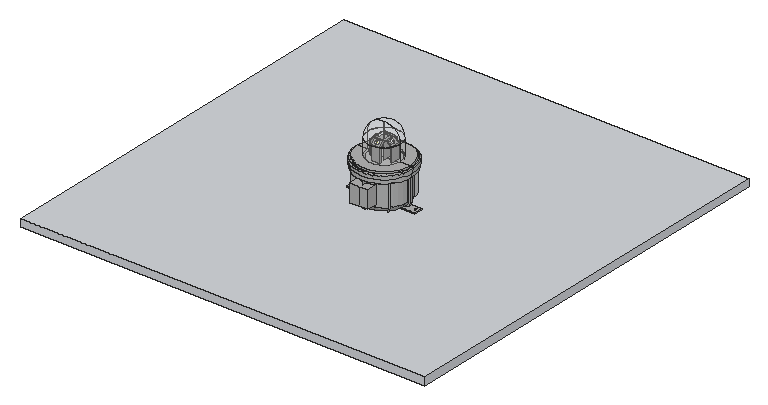
Revit family "238", category Lighting Fixtures, host Face, Revit 2014
Parameters (values of type "238")
  LED = Paint - Hubbell - Yellow
  Width = 280.00 mm
  Watts = 70 W
  Wattage Comments = "70W"
  Wattage = 70 W
  Warranty = "5 years Warranty"  # constant formula
  built-in parameter 1150110 = 1 (stored number, unit not read)
  Voltage = 120 V
  URL = "https://www.hubbell.com/chalmit/en"
  built-in parameter 1114217 = 1 (stored number, unit not read)
  Tilt Angle = 90.00°  # constant formula
  built-in parameter 1150109 = 1 (stored number, unit not read)
  built-in parameter 1150134 = 3
  built-in parameter 1150113 = 1 (stored number, unit not read)
  Reflector Finish = Hubbell - White Glass
  Product Link = "https://www.hubbell.com/chalmit/en/Products/Lighting-Controls/Harsh-Hazardous-Lighting/High-Bay---Low-Bay---Well-Glass/238-LED/p/2306498"
  Product Documentation Link = "https://hubbellcdn.com/specsheet/238_Zone1_Datasheet_V3.pdf"
  Power Factor = 1
  Photometric Web File = "CHL_238D_09L_LE.ies"
  Pendent Height [instance] = 97.00 mm
  built-in parameter 1150142 = "﻿IESNA:LM-63-2002 \r\n[TEST]WO-8107\r\n[TESTLAB]LUX-TSI\r\n[ISSUEDATE]22/08/2016\r\n[TESTDATE]22/08/2016\r\n[MANUFAC] Chalmit Lighting\r\n[LUMCAT]238D/09L/LE\r\n[LUMINAIRE]238 LED Wellglass\r\n[LAMP]LED\r\n[LAMPCAT]Nichia LED\r\n[_LUMTYPE]Wellglass\r\n[_LAMPTYPE]LED\r\n[_LAMPMORE]Light Emitting Diodes, White\r\n[_HAZRATING]Zone 1, Zone 21\r\n[_HAZPRO]Ex d e, IECEx, ATEX\r\n[_ENVIRORATING]IP66, IP67\r\n[_AMBIENT] -40°C to +55°C (T4)\r\n[_MOUNT]Surface, Suspended\r\n[_KEYWORDS]Pole, Column, Mast, Wire Guard, Stirrup\r\n[_DRAWFILE]238.dwg\r\n\r\nTILT=NONE\r\n1 -1 1.000 73 25 1 2 0.200 0.200 0.180\r\n1.000 1 67.7\r\n0.00 2.50 5.00 7.50 10.00 12.50 15.00 17.50 20.00 22.50 25.00 27.50 30.00 32.50 35.00 37.50 40.00 42.50 45.00 47.50 50.00 52.50 55.00 57.50 60.00 62.50 65.00 67.50 70.00 72.50 75.00 77.50 80.00 82.50 85.00 87.50 90.00 92.50 95.00 97.50 100.00 102.50 105.00 107.50 110.00 112.50 115.00 117.50 120.00 122.50 125.00 127.50 130.00 132.50 135.00 137.50 140.00 142.50 145.00 147.50 150.00 152.50 155.00 157.50 160.00 162.50 165.00 167.50 170.00 172.50 175.00 177.50 180.00 \r\n0.00 15.00 30.00 45.00 60.00 75.00 90.00 105.00 120.00 135.00 150.00 165.00 180.00 195.00 210.00 225.00 240.00 255.00 270.00 285.00 300.00 315.00 330.00 345.00 360.00 \r\n2230.1 2349.7 1959.1 1580.8 1635.9 1651.1 1653.2 1614.1 1561.1 1531.8 1532.6 1522.4 1494.1 1437.1 1424.6 1524.7 1555.0 1549.7 1610.8 1600.0 1551.3 1471.4 1404.7 1300.4 1226.0 1170.8 1120.5 1064.2 1014.5 960.8 877.1 819.7 775.9 727.3 688.1 650.2 613.5 578.2 542.7 498.0 445.8 400.6 358.1 315.7 279.4 246.4 208.5 162.9 127.6 104.2 62.6 18.6 17.0 16.8 14.8 12.6 9.3 6.7 6.0 5.6 5.8 6.0 6.1 7.2 8.7 10.6 14.8 21.9 27.0 30.5 30.9 29.1 28.1\r\n2230.1 2364.5 2042.2 1568.0 1605.7 1641.1 1644.7 1624.7 1597.5 1573.5 1586.5 1557.9 1493.1 1472.6 1594.5 1669.3 1680.8 1662.2 1584.7 1475.0 1399.1 1409.2 1411.4 1384.3 1335.8 1247.4 1155.8 1091.8 1036.7 973.7 897.4 813.5 792.6 722.0 635.9 592.2 559.6 522.5 505.9 479.4 458.7 427.0 381.9 352.7 327.7 302.7 268.3 225.9 178.0 132.2 108.1 32.0 16.9 15.4 15.1 12.2 10.8 8.0 6.0 5.4 5.1 5.8 6.1 6.6 8.3 10.5 14.6 21.6 26.9 30.2 30.6 28.9 28.1\r\n2230.1 2374.0 2093.3 1560.2 1580.6 1617.9 1644.3 1630.1 1562.7 1517.9 1576.5 1679.4 1492.2 1545.4 1653.3 1682.0 1697.2 1685.2 1649.6 1574.7 1518.2 1480.3 1437.1 1383.5 1369.4 1366.2 1311.4 1196.7 1049.3 938.9 821.4 736.3 657.4 626.3 591.8 567.4 547.1 521.8 510.1 487.6 461.3 435.2 410.9 387.3 361.1 329.0 293.4 256.1 211.4 164.3 124.8 55.0 19.0 16.4 14.9 11.5 11.1 9.1 5.7 5.5 5.6 5.4 6.0 7.1 8.0 10.8 14.7 21.3 27.2 29.8 30.7 29.1 28.1\r\n2230.1 2359.7 2078.5 1555.7 1584.5 1618.0 1631.8 1614.2 1550.5 1554.8 1572.7 1545.2 1486.5 1490.0 1589.2 1649.7 1678.2 1664.4 1594.5 1475.2 1374.6 1337.8 1363.4 1346.8 1296.0 1216.9 1117.2 1035.6 980.9 924.7 867.9 777.3 710.8 711.5 608.8 570.8 548.6 529.0 516.1 492.3 464.9 435.8 389.6 365.4 343.7 318.5 283.0 241.7 198.7 153.4 110.3 30.8 18.0 16.0 14.6 11.6 11.0 8.4 5.6 5.7 5.7 5.8 5.8 6.8 8.5 10.6 15.0 21.6 26.8 30.1 30.7 29.1 28.1\r\n2230.1 2321.2 2016.1 1555.3 1580.1 1594.5 1619.4 1598.0 1570.0 1521.3 1501.5 1507.3 1468.8 1416.6 1477.5 1559.2 1554.8 1498.5 1463.8 1458.3 1409.3 1358.8 1318.2 1241.2 1145.4 1074.7 1029.7 988.0 950.6 892.3 806.9 754.4 726.5 674.8 636.3 608.1 571.7 531.8 502.2 464.0 423.6 382.0 340.3 307.3 281.6 254.0 221.1 185.3 149.0 112.2 68.0 20.5 17.9 16.9 15.9 13.3 10.1 6.7 5.8 6.1 5.8 5.7 6.3 7.3 8.5 10.7 15.2 22.1 27.2 30.5 30.9 29.3 28.1\r\n2230.1 2278.7 1921.8 1526.7 1580.6 1630.3 1642.3 1596.5 1538.1 1494.8 1493.1 1508.5 1503.9 1418.4 1316.5 1281.1 1429.2 1582.5 1633.0 1615.0 1545.1 1394.5 1236.3 1160.1 1132.4 1099.2 1045.0 1007.5 963.1 901.5 826.0 773.0 734.3 693.5 656.1 625.8 589.3 551.0 519.3 480.3 435.2 388.1 342.7 295.7 244.7 190.3 141.3 101.5 63.6 46.1 34.4 19.6 18.4 17.9 16.4 11.6 8.0 6.8 6.4 6.3 5.8 6.0 6.8 7.5 8.7 11.3 15.4 21.9 27.6 30.6 31.1 29.3 28.1\r\n2230.1 2220.2 1795.0 1516.3 1637.3 1654.1 1635.3 1588.5 1543.6 1491.6 1498.0 1498.6 1451.6 1394.4 1399.4 1487.1 1533.4 1531.5 1564.2 1512.4 1428.8 1368.7 1317.3 1217.0 1130.3 1088.1 1055.9 1005.8 959.9 894.5 813.3 756.6 715.0 661.7 621.9 586.5 550.8 513.8 479.9 437.8 391.8 347.7 308.3 268.9 227.6 192.2 164.8 136.2 110.6 86.7 51.4 20.2 18.3 17.3 15.6 12.9 9.5 7.2 6.3 5.7 5.8 6.3 6.5 7.1 8.7 11.2 15.1 21.9 27.6 30.5 31.0 29.6 28.1\r\n2230.1 2148.8 1652.2 1531.7 1664.9 1651.3 1620.9 1585.2 1564.5 1551.1 1569.5 1522.1 1446.8 1471.6 1605.7 1677.4 1690.8 1655.8 1557.2 1393.6 1351.9 1377.3 1352.4 1314.7 1265.7 1185.2 1097.9 1036.2 992.8 895.6 825.6 727.5 717.9 630.2 538.6 500.1 472.0 444.6 425.3 405.2 379.1 354.3 325.0 299.4 277.6 251.7 222.1 188.9 156.6 127.0 94.6 22.5 17.7 16.7 15.5 12.5 11.4 8.3 6.3 5.5 5.8 6.0 6.1 7.2 8.5 10.6 15.3 21.8 27.1 30.4 30.8 28.9 28.1\r\n2230.1 2078.7 1571.2 1559.8 1666.4 1653.0 1627.0 1595.8 1529.6 1515.9 1518.9 1654.5 1492.9 1580.4 1709.5 1747.0 1736.7 1673.2 1602.2 1531.3 1492.5 1423.7 1362.3 1294.9 1302.4 1303.5 1255.2 1153.8 1015.5 876.2 764.7 670.7 612.6 551.9 516.2 492.8 469.7 446.3 430.1 415.6 394.3 373.6 355.3 335.0 309.5 277.6 239.5 204.7 173.8 145.1 57.1 24.1 18.5 16.9 15.7 11.8 11.1 9.2 6.3 5.6 5.9 6.1 6.2 7.0 8.8 10.6 15.3 21.9 27.1 30.3 30.4 28.7 28.1\r\n2230.1 2008.6 1517.8 1561.3 1638.2 1644.8 1623.8 1590.8 1538.7 1528.5 1556.0 1529.8 1477.1 1526.0 1679.6 1742.3 1751.8 1695.0 1569.8 1419.7 1376.2 1401.3 1448.4 1433.2 1341.2 1220.2 1082.3 1031.7 965.0 885.6 821.5 725.0 692.0 622.9 524.8 487.0 457.2 435.3 419.5 403.0 381.0 355.0 331.4 308.3 285.4 257.8 223.8 188.8 158.6 129.7 93.7 26.2 18.7 16.4 14.8 12.6 12.1 9.2 6.2 5.9 6.1 6.0 6.2 7.5 8.6 10.6 15.3 21.8 27.5 30.0 30.7 29.0 28.1\r\n2230.1 1942.5 1481.7 1580.1 1638.9 1661.2 1624.1 1579.1 1533.8 1497.1 1522.0 1513.7 1440.9 1417.5 1521.6 1637.4 1634.2 1582.8 1560.6 1552.5 1524.6 1485.6 1393.0 1299.5 1180.6 1138.0 1096.4 1051.1 1001.6 938.3 846.1 802.4 843.4 675.0 610.7 570.3 531.3 488.4 452.3 415.5 377.5 336.1 297.7 260.1 234.0 208.3 180.5 150.9 123.5 98.2 65.7 21.2 18.6 17.7 16.9 14.0 11.2 7.8 6.7 6.4 5.9 6.1 6.9 7.5 8.6 11.2 15.2 21.8 27.6 30.5 30.9 29.0 28.1\r\n2230.1 1894.0 1467.7 1599.2 1658.0 1668.4 1670.5 1601.4 1524.7 1500.7 1514.7 1515.5 1499.0 1425.1 1320.8 1335.9 1545.8 1748.0 1774.6 1701.1 1575.7 1382.2 1231.1 1185.9 1131.0 1114.5 1093.4 1065.3 1021.3 927.6 861.6 819.4 833.9 720.6 667.6 632.5 593.1 554.1 520.0 478.0 432.7 384.0 334.0 281.3 229.3 181.3 135.8 95.7 63.4 44.2 30.9 20.1 20.2 19.7 16.6 12.9 9.4 7.2 6.3 6.1 6.5 6.7 7.0 7.5 9.0 11.5 15.4 22.5 27.7 30.4 31.0 29.5 28.1\r\n2230.1 1847.2 1462.8 1628.0 1680.9 1674.2 1667.9 1633.4 1551.1 1510.9 1528.8 1562.5 1496.6 1427.0 1427.5 1546.4 1615.5 1627.3 1640.6 1593.4 1500.2 1399.1 1308.4 1206.8 1168.5 1124.5 1078.3 1059.8 1012.3 925.8 844.2 797.8 813.6 699.9 642.1 609.4 570.2 530.9 498.3 457.0 414.4 370.0 326.9 286.3 244.1 207.5 177.9 145.1 112.9 79.2 39.3 20.5 19.1 18.4 17.1 14.7 10.3 7.3 6.7 6.1 5.8 6.4 6.9 7.5 8.6 11.3 15.2 22.4 27.4 30.6 30.7 29.1 28.1\r\n2230.1 1831.7 1467.9 1618.8 1683.8 1683.7 1654.9 1624.1 1588.7 1586.6 1589.3 1548.6 1467.1 1486.0 1658.1 1788.7 1772.6 1689.5 1562.4 1436.2 1413.3 1431.2 1415.0 1406.1 1328.7 1214.4 1146.9 1105.2 1052.4 960.3 891.1 803.4 833.6 754.8 609.4 562.5 526.9 492.5 472.1 453.1 430.7 401.4 359.4 330.8 307.8 275.9 239.6 200.0 163.0 129.6 97.5 26.5 17.7 16.9 15.7 13.1 12.2 8.8 6.1 5.5 5.8 6.1 6.1 7.3 8.5 10.6 15.3 21.7 27.5 30.0 30.6 29.0 28.1\r\n2230.1 1837.0 1467.8 1622.2 1686.0 1688.7 1649.7 1599.5 1572.3 1596.3 1580.8 1741.6 1505.8 1591.5 1771.6 1840.4 1809.4 1726.4 1667.5 1585.3 1532.7 1489.0 1444.7 1413.7 1384.0 1376.2 1351.2 1279.6 1171.3 1007.2 876.3 788.9 734.5 642.9 578.1 546.6 522.2 496.9 478.0 460.8 439.3 419.6 395.7 367.0 338.5 302.7 263.8 226.2 191.0 155.8 121.2 53.7 19.0 16.3 16.0 13.1 11.7 10.1 6.5 6.1 5.9 5.8 6.2 7.3 8.5 10.4 15.2 21.6 27.5 29.9 30.6 29.0 28.1\r\n2230.1 1850.8 1469.9 1626.4 1698.4 1700.0 1654.6 1601.6 1584.1 1587.8 1616.4 1576.4 1510.5 1540.3 1700.1 1804.8 1801.2 1765.8 1700.3 1567.8 1464.6 1404.1 1399.3 1407.0 1371.9 1319.9 1229.9 1145.9 1061.5 973.6 898.4 834.3 758.5 750.2 610.7 558.3 534.3 507.3 482.4 465.9 438.1 410.5 371.8 343.3 318.8 286.9 247.8 208.6 172.7 140.0 107.6 38.7 17.0 15.2 15.6 13.0 12.0 9.9 6.8 5.8 5.5 6.1 6.8 6.9 8.4 10.9 14.8 22.1 27.1 30.2 30.4 28.8 28.1\r\n2230.1 1855.5 1462.8 1619.6 1699.7 1717.2 1650.9 1613.5 1572.4 1552.2 1567.4 1546.8 1481.2 1421.8 1481.5 1661.8 1700.7 1645.1 1559.0 1530.2 1505.5 1474.5 1462.0 1409.6 1306.6 1215.9 1159.9 1117.0 1071.2 1005.2 926.5 859.9 855.4 772.9 681.5 637.8 593.9 544.1 500.1 461.2 416.6 374.2 332.9 291.0 258.7 229.8 199.0 165.1 133.6 102.9 61.1 20.2 17.9 17.6 16.5 14.3 11.5 8.0 6.7 6.3 5.8 6.2 6.9 7.3 8.9 11.0 15.0 22.2 27.7 30.3 31.1 29.5 28.1\r\n2230.1 1901.0 1471.7 1594.2 1687.3 1701.9 1678.4 1630.7 1568.8 1523.1 1504.9 1537.2 1577.0 1555.3 1466.7 1401.1 1500.3 1688.8 1764.7 1766.9 1706.4 1585.0 1413.6 1289.4 1231.4 1197.1 1164.5 1142.5 1103.6 1031.0 949.8 888.6 861.5 810.8 740.8 699.6 654.6 608.1 561.8 516.1 467.4 420.3 369.1 316.1 264.3 213.1 161.1 108.3 60.3 40.5 32.5 18.8 18.2 18.3 16.8 12.2 8.4 7.3 6.7 6.2 6.1 6.4 7.1 7.8 8.8 11.0 15.8 22.2 27.9 30.8 31.4 29.6 28.1\r\n2230.1 1965.3 1489.9 1591.9 1682.9 1703.5 1655.7 1619.2 1600.9 1568.8 1547.0 1537.0 1525.6 1521.6 1474.2 1479.7 1531.0 1542.4 1617.3 1666.9 1650.3 1561.8 1456.4 1349.8 1235.2 1183.3 1146.7 1108.1 1070.6 1007.4 934.0 873.7 843.7 779.4 711.0 668.1 623.5 575.0 527.3 480.6 429.8 381.9 334.1 290.4 253.5 229.1 210.6 185.9 149.1 111.3 70.1 21.4 18.2 16.7 15.0 12.9 10.2 7.3 6.1 6.3 6.2 5.9 6.9 7.5 8.7 10.8 15.3 22.4 27.4 30.8 31.1 29.7 28.1\r\n2230.1 2035.3 1522.4 1577.7 1675.5 1674.3 1655.8 1646.0 1606.5 1581.2 1580.5 1583.1 1535.5 1511.2 1628.8 1757.9 1808.6 1784.2 1700.4 1561.0 1448.6 1448.8 1452.3 1420.8 1357.8 1280.4 1182.8 1132.8 1078.2 1001.9 934.2 845.3 809.8 781.5 647.1 592.7 548.8 505.2 475.6 461.5 430.3 402.7 367.5 329.9 309.4 289.0 264.8 240.2 204.2 160.8 121.7 56.9 17.5 15.2 13.9 11.7 10.8 8.2 5.9 5.7 6.0 5.8 6.3 7.4 8.4 10.6 15.3 21.7 27.5 30.1 31.1 29.5 28.1\r\n2230.1 2110.0 1571.2 1567.0 1679.7 1654.5 1653.3 1633.6 1593.7 1580.3 1578.3 1713.2 1526.5 1567.8 1718.1 1792.7 1815.1 1782.5 1734.7 1635.6 1542.7 1486.5 1427.0 1368.1 1359.5 1350.2 1298.7 1221.7 1095.5 963.7 843.1 762.1 687.6 630.0 590.5 560.9 532.6 504.9 482.6 463.5 437.5 413.2 386.4 359.1 338.3 317.4 295.9 271.0 233.0 187.2 108.3 24.8 17.6 15.4 14.2 11.4 10.2 8.0 6.2 6.1 5.5 5.9 6.6 6.8 8.5 11.0 14.9 22.2 27.1 30.5 30.7 29.3 28.1\r\n2230.1 2189.9 1628.0 1550.5 1671.3 1657.0 1660.2 1616.2 1591.8 1580.5 1587.4 1570.5 1504.9 1505.7 1649.3 1759.1 1785.2 1770.8 1698.5 1572.7 1465.7 1407.2 1418.9 1401.6 1347.1 1266.0 1183.3 1104.8 1023.0 965.4 899.3 820.2 753.1 706.3 625.4 578.3 544.0 510.6 492.6 468.5 444.1 410.9 376.0 351.3 336.1 319.9 298.4 264.9 216.9 171.6 118.5 56.7 17.4 15.3 13.7 11.4 10.7 8.6 6.4 5.7 6.0 6.3 6.5 7.0 8.8 10.8 15.2 22.3 27.2 30.4 30.7 29.2 28.1\r\n2230.1 2254.0 1699.8 1550.1 1633.2 1636.6 1613.5 1602.1 1576.4 1564.9 1548.3 1540.1 1493.8 1439.9 1477.6 1620.8 1671.8 1641.1 1584.8 1569.7 1518.4 1462.3 1425.0 1360.6 1272.0 1197.7 1150.1 1102.1 1048.7 991.5 913.2 852.8 820.5 745.3 699.4 661.7 619.5 569.1 524.4 481.8 439.8 396.4 355.9 317.8 290.3 267.6 241.0 199.2 162.0 129.2 91.1 22.9 17.3 16.6 15.2 12.3 9.6 7.0 6.5 6.2 5.8 6.1 6.8 7.1 8.6 11.2 15.1 22.2 27.7 30.1 31.1 29.2 28.1\r\n2230.1 2304.4 1820.8 1566.8 1632.0 1636.1 1647.6 1635.5 1561.3 1527.0 1516.7 1516.8 1523.2 1470.2 1388.4 1348.3 1497.4 1649.4 1709.0 1701.4 1637.1 1515.7 1368.8 1262.9 1216.4 1182.2 1147.8 1108.2 1051.0 998.1 920.6 865.1 827.5 784.0 746.6 708.3 668.1 625.9 584.6 541.2 493.2 447.0 404.1 360.4 306.7 244.4 180.7 124.6 80.8 54.2 37.8 19.5 18.0 17.1 15.0 11.6 7.9 6.7 6.5 6.0 6.0 6.4 6.8 7.2 8.5 11.2 15.6 22.0 27.8 30.2 31.0 29.2 28.1\r\n2230.1 2348.1 1941.1 1578.4 1634.7 1647.8 1651.5 1613.1 1560.0 1529.9 1529.1 1521.8 1490.4 1434.8 1423.7 1523.2 1552.9 1549.4 1611.0 1601.5 1552.3 1469.9 1402.1 1299.9 1224.7 1168.2 1119.2 1064.6 1014.4 958.0 875.2 818.8 774.6 726.2 688.5 650.9 613.5 577.7 541.9 497.6 446.3 400.6 357.5 315.3 278.8 244.5 206.7 162.4 127.2 103.1 61.9 19.2 17.2 16.4 14.9 13.0 9.8 6.5 6.0 6.2 5.8 5.7 6.5 7.4 8.5 10.7 15.4 22.0 27.3 30.2 31.1 29.3 28.1\r\n"
  Mounting = Paint - Hubbell - Light Silver
  Model = "238"
  Manufacturer = "Chalmit"  # constant formula
  built-in parameter 1150105 = 557.04 (stored number, unit not read)
  Lumens = 7000 lm
  built-in parameter 1150115 = 1 (stored number, unit not read)
  Load Classification = Lighting
  built-in parameter 1150137 = (empty or 0)
  built-in parameter 1150139 = (empty or 0)
  Length = 380.00 mm
  built-in parameter 1150112 = 1 (stored number, unit not read)
  built-in parameter 1150114 = 1 (stored number, unit not read)
  Lamp = "LED"  # constant formula
  Inner Length = 200.00 mm
  built-in parameter 1150132 = (empty or 0)
  built-in parameter 1150102 = (empty or 0)
  built-in parameter 1150107 = 3200 (stored number, unit not read)
  built-in parameter 1150138 = (empty or 0)
  built-in parameter 1150106 = 5.5704 (stored number, unit not read)
  IP Rating = "IP66/67"  # constant formula
  Housing Material = Paint - Hubbell - White Texture
  Glass = Hubbell - Glass
  Fixture distribution = "Direct"  # constant formula
  Features = "Installation to gas groups IIA and IIB.\r\nHighly Energy Efficient.\r\nInstant on - crisp white light output.\r\n80,000 maintenance free hours.\r\nLow temperature applications to -40°C.\r\nEx e terminal chamber."  # constant formula
  Emit from Circle Diameter = 50.00 mm
  Emit Shape Visible in Rendering = no
  built-in parameter 1150104 = 9.2903 (stored number, unit not read)
  Height = 535.00 mm
  Dimming Lamp Color Temperature Shift = <None>
  Description = "The innovative new 238 LED is an efficient low energy wellglass designed for general purpose low and medium bay illumination. With an instant on output and 80,000 maintenance free hours (L70), it offers significant benefits over the conventional product. The luminaire has a side mounted increased safety terminal chamber eliminating the need for flameproof glands. The wide ambient temperature range makes the 238 LED suitable for extreme environmental conditions."  # constant formula
  Default Elevation = 1219.20 mm
  Copyright = " ©2020 Chalmit, a division of Hubbell Lighting, Inc"  # constant formula
  Contact = "https://www.hubbell.com/chalmit/en/contactUs"
  Connector Description = "Lighting Connector"  # constant formula
  Color Filter = 16777215
  built-in parameter 1114218 = 1 (stored number, unit not read)
  built-in parameter 1150133 = 10 (stored number, unit not read)
  Assembly Code = "D5020200"
  Apparent Load = Watts / Power Factor  # 70 VA
Reference planes
  plane 1 "Center (Front/Back)": y = 0
  plane 2: z = 14.125
  plane 3 "Center (Left/Right)": x = 0
  plane 4: z = -150.375
  plane 5: x = 190
  plane 6: x = -190
  plane 7: z = 199.125
  plane 8: z = 479.125
  plane 9: z = 105.125
  plane 10: z = 224.125
  plane 11: x = -100
  plane 12: x = 100
  plane 13: y = 171.25
  plane 14: y = -191.25
Forms (mm)
  Extrusion 1, solid
    sketch origin (0, 0, 0) x (1, 0, 0) y (0, 1, 0)
      loop
        line (-1219.2, 1219.2) -> (-1219.2, -1219.2) -> (1219.2, -1219.2) -> (1219.2, 1219.2) -> (-1219.2, 1219.2)
    from 14.125 to -31.75
  Revolve 2, solid, material "Hubbell - Glass" <- "Glass"
    sketch origin (0, 0, 45) x (1, 0, 0) y (0, 0, 1)
      loop
        line (0.216, 194.089) -> (99.938, 194.089) -> (99.938, 296.272)
        arc (99.938, 296.272) -> (69.881, 362.555) -> (0.216, 383.619) r 88.115
        line (0.216, 383.619) -> (0.216, 194.089)
      axis (0, 383.619) -> (0, 194.089)
    angle from 0 to 360
  Extrusion 3, solid, material "Paint - Hubbell - White Texture" <- "Housing Material"
    sketch origin (0, 0, 0) x (1, 0, 0) y (0, 0, 1)
      loop
        line (-205, 14.125) -> (-1.972, 14.125) -> (206.366, 14.125) -> (206.366, 21.2) -> (0.38, 21.2) -> (-205, 21.2) -> (-205, 14.125)
    from -25 to 25
  Revolve 4, solid, material "Paint - Hubbell - White Texture"
    sketch origin (0, 0, 0) x (1, 0, 0) y (0, 0, 1)
      loop
        line (-82.381, 41.882) -> (-82.381, 21.859) -> (-74.235, 21.859) -> (-74.235, 27.529) -> (-77.381, 27.529) -> (-77.381, 33.713) -> (-72.381, 33.713) -> (-72.381, 41.882) -> (-82.381, 41.882)
      axis (-82.381, 41.882) -> (-82.381, 21.859)
    angle from 0 to 360
  Revolve 5, solid, material "Paint - Hubbell - White Texture"
    sketch origin (0, 0, 0) x (-1, 0, 0) y (0, 0, 1)
      loop
        line (-82.381, 41.882) -> (-82.381, 21.859) -> (-74.235, 21.859) -> (-74.235, 27.529) -> (-77.381, 27.529) -> (-77.381, 33.713) -> (-72.381, 33.713) -> (-72.381, 41.882) -> (-82.381, 41.882)
      axis (-82.381, 41.882) -> (-82.381, 21.859)
    angle from 0 to 360
  Revolve 6, solid, material "Paint - Hubbell - White Texture" <- "Housing Material"
    sketch origin (0, 0, 0) x (1, 0, 0) y (0, 0, 1)
      loop
        line (0.216, 22.529) -> (120, 22.529)
        arc (120, 22.529) -> (135, 28.742) -> (141.213, 43.742) r 21.213
        line (141.213, 43.742) -> (141.213, 173.742) -> (167.194, 188.742) -> (167.194, 213.742) -> (172.194, 213.742) -> (172.194, 233.742)
        arc (172.194, 233.742) -> (170.729, 237.278) -> (167.194, 238.742) r 5
        line (167.194, 238.742) -> (157.194, 238.742) -> (157.194, 248.742) -> (99.861, 248.742) -> (92.716, 241.597) -> (0.216, 241.597) -> (0.216, 22.529)
      axis (0, 248.742) -> (0, 22.529)
    angle from 0 to 360
  Extrusion 7, solid, material "Paint - Hubbell - White Texture"
    sketch origin (-0.063, -0.153, 0) x (0.707107, -0.707107, 0) y (0, 0, 1)
      loop
        line (141.423, 176.26) -> (141.423, 44.806)
        arc (141.423, 44.806) -> (134.509, 28.114) -> (117.817, 21.2) r 23.606
        line (117.817, 21.2) -> (132.817, 21.2)
        arc (132.817, 21.2) -> (151.822, 29.072) -> (159.694, 48.077) r 26.877
        line (159.694, 48.077) -> (159.694, 185.11) -> (141.423, 176.26)
    from -6.108 to -1.571
  Extrusion 8, solid, material "Paint - Hubbell - White Texture"
    sketch origin (0.063, -0.153, 0) x (-0.707107, -0.707107, 0) y (0, 0, -1)
      loop
        line (141.423, -176.26) -> (159.694, -185.11) -> (159.694, -48.077)
        arc (159.694, -48.077) -> (151.822, -29.072) -> (132.817, -21.2) r 26.877
        line (132.817, -21.2) -> (117.817, -21.2)
        arc (117.817, -21.2) -> (134.509, -28.114) -> (141.423, -44.806) r 23.606
        line (141.423, -44.806) -> (141.423, -176.26)
    from -6.108 to -1.571
  Extrusion 9, solid, material "Paint - Hubbell - White Texture"
    sketch origin (-0.063, 0.153, 0) x (0.707107, 0.707107, 0) y (0, 0, -1)
      loop
        line (141.423, -176.26) -> (159.694, -185.11) -> (159.694, -48.077)
        arc (159.694, -48.077) -> (151.822, -29.072) -> (132.817, -21.2) r 26.877
        line (132.817, -21.2) -> (117.817, -21.2)
        arc (117.817, -21.2) -> (134.509, -28.114) -> (141.423, -44.806) r 23.606
        line (141.423, -44.806) -> (141.423, -176.26)
    from -6.108 to -1.571
  Extrusion 10, solid, material "Paint - Hubbell - White Texture"
    sketch origin (0.063, 0.153, 0) x (-0.707107, 0.707107, 0) y (0, 0, 1)
      loop
        line (141.423, 176.26) -> (141.423, 44.806)
        arc (141.423, 44.806) -> (134.509, 28.114) -> (117.817, 21.2) r 23.606
        line (117.817, 21.2) -> (132.817, 21.2)
        arc (132.817, 21.2) -> (151.822, 29.072) -> (159.694, 48.077) r 26.877
        line (159.694, 48.077) -> (159.694, 185.11) -> (141.423, 176.26)
    from -6.108 to -1.571
  Extrusion 11, void
    sketch origin (0, 0, 0) x (1, 0, 0) y (0, 1, 0)
      loop
        circle (190, 0) r 7
      loop
        circle (-190, 0) r 7
    from 14.125 to 21.859
  Extrusion 12, solid, material "Paint - Hubbell - White Texture" <- "Housing Material"
    sketch origin (0, 0, 0) x (1, 0, 0) y (0, 1, 0)
      loop
        line (-52.39, -115.366) -> (-52.39, -191.25) -> (0, -191.25) -> (52.39, -191.25) -> (52.39, -115.366)
        arc (52.39, -115.366) -> (0, -137.609) -> (-52.39, -115.366) r 72.818
    from 59.03 to 163.742
  Extrusion 13, solid, material "Paint - Hubbell - Light Silver" <- "Mounting"
    sketch origin (0, 0, 0) x (1, 0, 0) y (0, 0, 1)
      loop
        line (60, 239.089) -> (65.113, 239.089) -> (65.113, 326.047) -> (38.787, 352.373) -> (35.251, 348.838) -> (60, 324.089) -> (60, 239.089)
    from -25 to 25
  Extrusion 14, solid, material "Paint - Hubbell - Light Silver" <- "Mounting"
    sketch origin (0, 0, 0) x (-1, 0, 0) y (0, 0, -1)
      loop
        line (60, -239.089) -> (60, -324.089) -> (35.251, -348.838) -> (38.787, -352.373) -> (65.113, -326.047) -> (65.113, -239.089) -> (60, -239.089)
    from -25 to 25
  Extrusion 15, solid, material "Paint - Hubbell - Light Silver" <- "Mounting"
    sketch origin (-0.216, -0.216, 0) x (0, 1, 0) y (0, 0, -1)
      loop
        line (60, -239.089) -> (60, -324.089) -> (35.251, -348.838) -> (38.787, -352.373) -> (65.113, -326.047) -> (65.113, -239.089) -> (60, -239.089)
    from -25 to 25
  Extrusion 16, solid, material "Paint - Hubbell - Light Silver" <- "Mounting"
    sketch origin (-0.216, 0.216, 0) x (0, -1, 0) y (0, 0, 1)
      loop
        line (60, 239.089) -> (65.113, 239.089) -> (65.113, 326.047) -> (38.787, 352.373) -> (35.251, 348.838) -> (60, 324.089) -> (60, 239.089)
    from -25 to 25
  Extrusion 17, solid, material "Paint - Hubbell - Light Silver" <- "Mounting"
    sketch origin (0, 0, 0) x (1, 0, 0) y (0, 0, 1)
      loop
        line (15, 241.597) -> (19.784, 241.597) -> (19.784, 337.863)
        arc (19.784, 337.863) -> (17.768, 342.73) -> (12.9, 344.747) r 6.884
        line (12.9, 344.747) -> (-25.216, 344.747) -> (-25.216, 341.597) -> (10, 341.597)
        arc (10, 341.597) -> (13.536, 340.133) -> (15, 336.597) r 5
        line (15, 336.597) -> (15, 241.597)
    from -25 to 25
  Revolve 18, solid, material "Hubbell - White Glass" <- "Reflector Finish"
    sketch origin (0, 0, 0) x (0, 1, 0) y (0, 0, 1)
      loop
        line (-51.734, 339.21) -> (-52.289, 339.766) -> (-54.941, 337.114) -> (-55.827, 336.843) -> (-61.101, 331.569) -> (-60.238, 330.706) -> (-51.734, 339.21)
      axis (-51.734, 339.21) -> (-52.597, 340.074)
    angle from 0 to 360
  Revolve 19, solid, material "Paint - Hubbell - Yellow" <- "LED"
    sketch origin (0, 0, 0) x (0, 1, 0) y (0, 0, 1)
      loop
        line (-52.463, 339.939) -> (-55.104, 337.298) -> (-54.53, 336.723) -> (-51.888, 339.365) -> (-52.463, 339.939)
      axis (-51.888, 339.365) -> (-52.595, 340.072)
    angle from 0 to 360
  Revolve 20, solid, material "Hubbell - White Glass" <- "Reflector Finish"
    sketch origin (0, 0, 0) x (0, -1, 0) y (0, 0, 1)
      loop
        line (-51.734, 339.21) -> (-52.289, 339.766) -> (-54.941, 337.114) -> (-55.827, 336.843) -> (-61.101, 331.569) -> (-60.238, 330.706) -> (-51.734, 339.21)
      axis (-51.734, 339.21) -> (-52.597, 340.074)
    angle from 0 to 360
  Revolve 21, solid, material "Paint - Hubbell - Yellow" <- "LED"
    sketch origin (0, 0, 0) x (0, -1, 0) y (0, 0, 1)
      loop
        line (-52.463, 339.939) -> (-55.104, 337.298) -> (-54.53, 336.723) -> (-51.888, 339.365) -> (-52.463, 339.939)
      axis (-51.888, 339.365) -> (-52.595, 340.072)
    angle from 0 to 360
  Revolve 22, solid, material "Hubbell - White Glass" <- "Reflector Finish"
    sketch origin (0.216, 0.216, 0) x (-1, 0, 0) y (0, 0, -1)
      loop
        line (-51.734, -339.21) -> (-60.238, -330.706) -> (-61.101, -331.569) -> (-55.827, -336.843) -> (-54.941, -337.114) -> (-52.289, -339.766) -> (-51.734, -339.21)
      axis (-51.734, -339.21) -> (-52.597, -340.074)
    angle from 0 to 360
  Revolve 23, solid, material "Paint - Hubbell - Yellow" <- "LED"
    sketch origin (0.216, 0.216, 0) x (-1, 0, 0) y (0, 0, -1)
      loop
        line (-52.463, -339.939) -> (-51.888, -339.365) -> (-54.53, -336.723) -> (-55.104, -337.298) -> (-52.463, -339.939)
      axis (-51.888, -339.365) -> (-52.595, -340.072)
    angle from 0 to 360
  Revolve 24, solid, material "Hubbell - White Glass" <- "Reflector Finish"
    sketch origin (-0.216, 0.216, 0) x (1, 0, 0) y (0, 0, 1)
      loop
        line (-51.734, 339.21) -> (-52.289, 339.766) -> (-54.941, 337.114) -> (-55.827, 336.843) -> (-61.101, 331.569) -> (-60.238, 330.706) -> (-51.734, 339.21)
      axis (-51.734, 339.21) -> (-52.597, 340.074)
    angle from 0 to 360
  Revolve 25, solid, material "Paint - Hubbell - Yellow" <- "LED"
    sketch origin (-0.216, 0.216, 0) x (1, 0, 0) y (0, 0, 1)
      loop
        line (-52.463, 339.939) -> (-55.104, 337.298) -> (-54.53, 336.723) -> (-51.888, 339.365) -> (-52.463, 339.939)
      axis (-51.888, 339.365) -> (-52.595, 340.072)
    angle from 0 to 360
  Revolve 26, solid, material "Hubbell - White Glass" <- "Reflector Finish"
    sketch origin (-199.582, 0.216, 65.258) x (0.707107, 0, -0.707107) y (0.707107, 0, 0.707107)
      loop
        line (-51.734, 329.21) -> (-52.289, 329.766) -> (-54.941, 327.114) -> (-55.827, 326.843) -> (-61.101, 321.569) -> (-60.238, 320.706) -> (-51.734, 329.21)
      axis (-51.734, 329.21) -> (-52.597, 330.074)
    angle from 0 to 360
  Revolve 27, solid, material "Paint - Hubbell - Yellow" <- "LED"
    sketch origin (-199.592, 0.216, 65.566) x (0.707107, 0, -0.707107) y (0.707107, 0, 0.707107)
      loop
        line (-52.463, 329.939) -> (-55.104, 327.298) -> (-54.53, 326.723) -> (-51.888, 329.365) -> (-52.463, 329.939)
      axis (-51.888, 329.365) -> (-52.595, 330.072)
    angle from 0 to 360
  Extrusion 28, solid, material "Paint - Hubbell - White Texture"
    sketch origin (-0.224, -0.216, 0) x (-0.034379, -0.999409, 0) y (0, 0, 1)
      loop
        line (141.423, 176.26) -> (141.423, 44.806)
        arc (141.423, 44.806) -> (134.509, 28.114) -> (117.817, 21.2) r 23.606
        line (117.817, 21.2) -> (132.817, 21.2)
        arc (132.817, 21.2) -> (151.822, 29.072) -> (159.694, 48.077) r 26.877
        line (159.694, 48.077) -> (159.694, 185.11) -> (141.423, 176.26)
    from -6.108 to -1.571
  Extrusion 29, solid, material "Paint - Hubbell - White Texture"
    sketch origin (-0.224, 0.216, 0) x (-0.034379, 0.999409, 0) y (0, 0, -1)
      loop
        line (141.423, -176.26) -> (159.694, -185.11) -> (159.694, -48.077)
        arc (159.694, -48.077) -> (151.822, -29.072) -> (132.817, -21.2) r 26.877
        line (132.817, -21.2) -> (117.817, -21.2)
        arc (117.817, -21.2) -> (134.509, -28.114) -> (141.423, -44.806) r 23.606
        line (141.423, -44.806) -> (141.423, -176.26)
    from -6.108 to -1.571
  Extrusion 30, solid, material "Paint - Hubbell - White Texture"
    sketch origin (0.216, 0.224, 0) x (0.999409, 0.034379, 0) y (0, 0, -1)
      loop
        line (141.423, -176.26) -> (159.694, -185.11) -> (159.694, -48.077)
        arc (159.694, -48.077) -> (151.822, -29.072) -> (132.817, -21.2) r 26.877
        line (132.817, -21.2) -> (117.817, -21.2)
        arc (117.817, -21.2) -> (134.509, -28.114) -> (141.423, -44.806) r 23.606
        line (141.423, -44.806) -> (141.423, -176.26)
    from -6.108 to -1.571
  Extrusion 31, solid, material "Paint - Hubbell - White Texture"
    sketch origin (-0.216, 0.224, 0) x (-0.999409, 0.034379, 0) y (0, 0, 1)
      loop
        line (141.423, 176.26) -> (141.423, 44.806)
        arc (141.423, 44.806) -> (134.509, 28.114) -> (117.817, 21.2) r 23.606
        line (117.817, 21.2) -> (132.817, 21.2)
        arc (132.817, 21.2) -> (151.822, 29.072) -> (159.694, 48.077) r 26.877
        line (159.694, 48.077) -> (159.694, 185.11) -> (141.423, 176.26)
    from -6.108 to -1.571
Cuts and joins
  Extrusion 11 cuts Extrusion 3
  joined: Revolve 6, Extrusion 12
Dimensions and locks
  plane 2 to plane 4 = 164.50 mm
  "Length": plane 5 to plane 6
  equal spacing: plane 5, plane 3 "Center (Left/Right)", plane 6
  plane 2 to plane 7 to plane 8 = 185.00 mm, 280.00 mm
  plane 2 to plane 8 = 465.00 mm
  plane 8 to plane 7 to Extrusion 1 = 280.00 mm, 185.00 mm
  plane 8 to Extrusion 1 = 465.00 mm
  "Inner Length": plane 12 to plane 11
  equal spacing: plane 12, plane 3 "Center (Left/Right)", plane 11
  locked: plane 14 to plane 13 at 362.5
  plane 10 to Extrusion 1 = 210.00 mm
  aligned and locked: plane 2 to Extrusion 1
  aligned and locked: Extrusion 3 to Extrusion 11
Automatic sketch dimensions
  Extrusion 1 sketch curve to Extrusion 1 sketch curve = 2438.40 mm  (x2)
  Revolve 2 sketch curve to plane 3 "Center (Left/Right)" = 0.00 mm
  plane 3 "Center (Left/Right)" to Revolve 2 sketch curve = 0.216 mm
  plane 3 "Center (Left/Right)" to Revolve 2 sketch curve = 11.823 mm
  Revolve 2 sketch curve to plane 12 = 0.062 mm
  Revolve 2 sketch curve to plane 10 = 14.964 mm
  Revolve 2 sketch curve to Revolve 2 sketch curve = 102.183 mm
  Revolve 2 sketch curve to Revolve 2 sketch curve = 42.853 mm
  Revolve 2 sketch curve to plane 8 = 110.00 mm
  Extrusion 3 sketch curve to plane 2 = 0.00 mm
  Extrusion 3 sketch curve to plane 6 = 15.00 mm
  Extrusion 3 sketch curve to plane 3 "Center (Left/Right)" = 1.972 mm
  plane 3 "Center (Left/Right)" to Extrusion 3 sketch curve = 0.38 mm
  plane 2 to Extrusion 3 sketch curve = 7.075 mm
  plane 5 to Extrusion 3 sketch curve = 16.366 mm
  plane 11 to Revolve 4 sketch curve = 17.619 mm  (x2)
  Revolve 4 sketch curve to Revolve 4 sketch curve = 5.00 mm  (x2)
  Revolve 4 sketch curve to Revolve 4 sketch curve = 3.146 mm
  plane 2 to Revolve 4 sketch curve = 7.734 mm
  Revolve 4 sketch curve to Revolve 4 sketch curve = 5.67 mm
  Revolve 4 sketch curve to Revolve 4 sketch curve = 6.184 mm
  Revolve 4 sketch curve to Revolve 4 sketch curve = 8.169 mm
  level to Revolve 4 sketch curve = 3.131 mm
  Revolve 4 sketch curve to Revolve 4 sketch curve = 1.272 mm
  plane 12 to Revolve 5 sketch curve = 17.619 mm  (x2)
  Revolve 5 sketch curve to Revolve 5 sketch curve = 5.00 mm  (x2)
  Revolve 5 sketch curve to Revolve 5 sketch curve = 3.146 mm
  Revolve 5 sketch curve to plane 2 = 7.734 mm
  Revolve 5 sketch curve to Revolve 5 sketch curve = 5.67 mm
  Revolve 5 sketch curve to Revolve 5 sketch curve = 6.184 mm
  Revolve 5 sketch curve to Revolve 5 sketch curve = 8.169 mm
  Revolve 5 sketch curve to level = 3.131 mm
  Revolve 5 sketch curve to Revolve 5 sketch curve = 1.272 mm
  Revolve 6 sketch curve to plane 3 "Center (Left/Right)" = 0.00 mm
  plane 3 "Center (Left/Right)" to Revolve 6 sketch curve = 0.216 mm
  Revolve 6 sketch curve to plane 12 = 7.284 mm
  Revolve 6 sketch curve to plane 12 = 0.139 mm
  plane 12 to Revolve 6 sketch curve = 20.00 mm
  plane 12 to Revolve 6 sketch curve = 41.213 mm
  Revolve 6 sketch curve to plane 5 = 32.806 mm
  plane 10 to Revolve 6 sketch curve = 10.383 mm
  Revolve 6 sketch curve to plane 5 = 22.806 mm
  Revolve 6 sketch curve to Revolve 6 sketch curve = 10.00 mm
  Revolve 6 sketch curve to Revolve 6 sketch curve = 5.00 mm
  plane 7 to Revolve 6 sketch curve = 10.383 mm
  plane 7 to Revolve 6 sketch curve = 25.383 mm
  plane 2 to Revolve 6 sketch curve = 29.617 mm
  Revolve 6 sketch curve to plane 10 = 9.617 mm
  Revolve 6 sketch curve to plane 10 = 17.472 mm
  Revolve 6 sketch curve to Revolve 6 sketch curve = 7.145 mm
  Revolve 6 sketch curve to plane 4 = 459.225 mm
  Revolve 6 sketch curve to plane 8 = 223.037 mm
  plane 2 to Extrusion 7 sketch curve = 30.681 mm
  Extrusion 7 sketch curve to Extrusion 7 sketch curve = 15.00 mm
  Extrusion 7 sketch curve to Extrusion 7 sketch curve = 8.606 mm
  Extrusion 7 sketch curve to Extrusion 7 sketch curve = 18.271 mm
  plane 7 to Extrusion 7 sketch curve = 22.865 mm
  plane 7 to Extrusion 7 sketch curve = 14.015 mm
  plane 2 to Extrusion 8 sketch curve = 30.681 mm
  Extrusion 8 sketch curve to Extrusion 8 sketch curve = 15.00 mm
  Extrusion 8 sketch curve to Extrusion 8 sketch curve = 8.606 mm
  Extrusion 8 sketch curve to Extrusion 8 sketch curve = 18.271 mm
  plane 7 to Extrusion 8 sketch curve = 22.865 mm
  plane 7 to Extrusion 8 sketch curve = 14.015 mm
  plane 2 to Extrusion 9 sketch curve = 30.681 mm
  Extrusion 9 sketch curve to Extrusion 9 sketch curve = 15.00 mm
  Extrusion 9 sketch curve to Extrusion 9 sketch curve = 8.606 mm
  Extrusion 9 sketch curve to Extrusion 9 sketch curve = 18.271 mm
  plane 7 to Extrusion 9 sketch curve = 22.865 mm
  plane 7 to Extrusion 9 sketch curve = 14.015 mm
  plane 2 to Extrusion 10 sketch curve = 30.681 mm
  Extrusion 10 sketch curve to Extrusion 10 sketch curve = 15.00 mm
  Extrusion 10 sketch curve to Extrusion 10 sketch curve = 8.606 mm
  Extrusion 10 sketch curve to Extrusion 10 sketch curve = 18.271 mm
  plane 7 to Extrusion 10 sketch curve = 22.865 mm
  plane 7 to Extrusion 10 sketch curve = 14.015 mm
  plane 1 "Center (Front/Back)" to Extrusion 11 sketch curve = 0.00 mm  (x2)
  Extrusion 11 sketch curve to plane 6 = 0.00 mm
  Extrusion 11 sketch curve to plane 5 = 0.00 mm
  plane 14 to Extrusion 12 sketch curve = 0.00 mm
  Extrusion 12 sketch curve to plane 3 "Center (Left/Right)" = 0.00 mm  (x2)
  plane 11 to Extrusion 12 sketch curve = 47.61 mm
  Extrusion 12 sketch curve to plane 12 = 47.61 mm
  Extrusion 12 sketch curve to plane 14 = 75.884 mm
  plane 1 "Center (Front/Back)" to Extrusion 12 sketch curve = 64.791 mm
  plane 3 "Center (Left/Right)" to Extrusion 13 sketch curve = 35.251 mm
  Extrusion 13 sketch curve to Extrusion 13 sketch curve = 3.536 mm
  Extrusion 13 sketch curve to Extrusion 13 sketch curve = 24.749 mm
  Extrusion 13 sketch curve to Extrusion 13 sketch curve = 5.113 mm
  Extrusion 13 sketch curve to plane 10 = 14.964 mm
  Extrusion 13 sketch curve to Extrusion 13 sketch curve = 85.00 mm
  Extrusion 13 sketch curve to Extrusion 13 sketch curve = 1.958 mm
  plane 3 "Center (Left/Right)" to Extrusion 14 sketch curve = 35.251 mm
  Extrusion 14 sketch curve to Extrusion 14 sketch curve = 3.536 mm
  Extrusion 14 sketch curve to Extrusion 14 sketch curve = 24.749 mm
  Extrusion 14 sketch curve to Extrusion 14 sketch curve = 5.113 mm
  plane 10 to Extrusion 14 sketch curve = 14.964 mm
  Extrusion 14 sketch curve to Extrusion 14 sketch curve = 85.00 mm
  Extrusion 14 sketch curve to Extrusion 14 sketch curve = 1.958 mm
  Extrusion 15 sketch curve to plane 1 "Center (Front/Back)" = 35.035 mm
  Extrusion 15 sketch curve to Extrusion 15 sketch curve = 3.536 mm  (x2)
  Extrusion 15 sketch curve to Extrusion 15 sketch curve = 24.749 mm
  Extrusion 15 sketch curve to Extrusion 15 sketch curve = 5.113 mm
  Extrusion 15 sketch curve to plane 7 = 153.248 mm
  Extrusion 15 sketch curve to plane 10 = 14.964 mm
  plane 1 "Center (Front/Back)" to Extrusion 16 sketch curve = 35.035 mm
  Extrusion 16 sketch curve to Extrusion 16 sketch curve = 3.536 mm
  Extrusion 16 sketch curve to Extrusion 16 sketch curve = 24.749 mm
  Extrusion 16 sketch curve to Extrusion 16 sketch curve = 5.113 mm
  Extrusion 16 sketch curve to plane 10 = 14.964 mm
  Extrusion 16 sketch curve to Extrusion 16 sketch curve = 85.00 mm
  Extrusion 16 sketch curve to Extrusion 16 sketch curve = 1.958 mm
  Extrusion 17 sketch curve to plane 3 "Center (Left/Right)" = 25.216 mm
  plane 3 "Center (Left/Right)" to Extrusion 17 sketch curve = 10.00 mm
  Extrusion 17 sketch curve to Extrusion 17 sketch curve = 2.90 mm
  plane 3 "Center (Left/Right)" to Extrusion 17 sketch curve = 15.00 mm
  Extrusion 17 sketch curve to Extrusion 17 sketch curve = 4.784 mm
  Extrusion 17 sketch curve to plane 10 = 17.472 mm
  Extrusion 17 sketch curve to Extrusion 17 sketch curve = 95.00 mm
  Extrusion 17 sketch curve to Extrusion 17 sketch curve = 1.266 mm
  plane 1 "Center (Front/Back)" to Revolve 18 sketch curve = 61.101 mm
  Revolve 18 sketch curve to Revolve 18 sketch curve = 0.863 mm  (x2)
  Revolve 18 sketch curve to Revolve 18 sketch curve = 5.274 mm
  Revolve 18 sketch curve to Revolve 18 sketch curve = 0.887 mm
